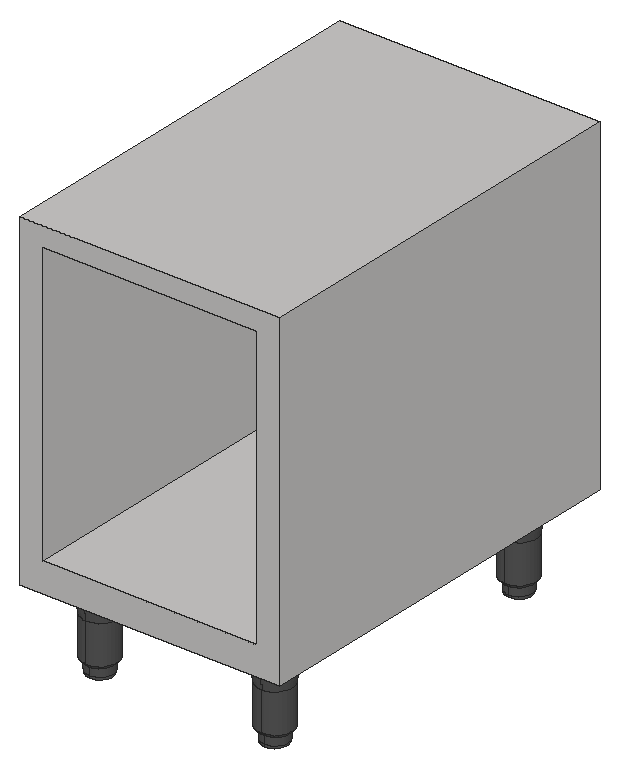
Revit family "QF_CAPIC_AVEN_W543021", category Equipement spécialisé, Revit 2018
Family settings
  Cote de connecteur circulaire = Utiliser le diamètre
  Type d'élément = Normal
  Numéro OmniClass = 23.40.40.14
  Titre OmniClass = Food Service Equipment
  Basée sur le plan de construction = Non
  Toujours verticalement = Oui
  Couper avec des vides une fois chargée = Non
  Partagée = Non
  Point de calcul de pièce = Non
Parameters (values of type "400 mm")
  URL catalogue = "http://www.capic-fr.com/fr/"
  Type de Raccord Plomberie [instance] = ""
  Type de Raccord Electrique [instance] = ""
  Type de Gaz = ""
  Type article [instance] = ""
  Tension = 0 V
  Spécification du Fabricant = ""
  Show Logo = yes
  Remarques evacuation [instance] = ""
  Remarques Plomberie [instance] = ""
  Remarques Electricité [instance] = ""
  Puissance électrique  = 0 W
  Puissance Gaz kW = 0
  Profondeur hors tout = 648 mm
  Pression Maximum Eau Adoucie = 0.0 Pa
  Poids net à vide = 29.00 kg
  Phase = 0
  Modèle = "W543021"
  Longueur hors tout = 400 mm
  Intensité nominale = 0 A
  Hauteur hors tout = 638 mm
  Hauteur de Raccordement du Sol Finis = 0 mm
  Hauteur de Raccordement Gaz du Sol Finis = 0 mm
  Hauteur de Raccordement Evacuation Directe du Sol Finis = 0 mm
  Hauteur de Raccordement Eau Froide du Sol Finis = 0 mm
  Hauteur de Raccordement Eau Chaude du Sol Finis = 0 mm
  Hauteur de Raccordement Eau Adoucie du Sol Finis = 0 mm
  Fréquence = 0 Hz
  Fabricant = "CAPIC"
  Etagere intermédiaire (option) [instance] = no
  Débit d'air d'extraction = 0.0 m³/h
  Débit Gaz = 0.0 L/s
  Débit Eau Froide = 0.0 L/s
  Débit Eau Chaude = 0.0 L/s
  Débit Eau Adoucie = 0.0 L/s
  Diamètre de Raccordement Gaz = 0 mm
  Diamètre de Raccordement Evacuation = 0 mm
  Diamètre de Raccordement Eau Froide = 0 mm
  Diamètre de Raccordement Eau Chaude = 0 mm
  Diamètre de Raccordement Eau Adoucie = 0 mm
  Description = "Placard ouvert"
  Assembly Code = ""
  Classification  Omniclass nombre et titre = "23.40.40.14"
Reference planes
  plane 1 "Centre (avant/arrière)": y = 0
  plane 2: z = 0
  plane 3 "Centre (gauche/droite)": x = 0
  plane 4: x = 400
  plane 5: y = -662
  plane 6: y = -45
  plane 7: x = 25
  plane 8: x = 375
  plane 9: y = -69
  plane 10: y = -539
  plane 11: x = 35
  plane 12: x = 365
Forms (mm)
  Extrusion 1, solid, material "QF_Stainless Steel-Brushed"
    sketch origin (0, 0, 0) x (1, 0, 0) y (0, 1, 0)
      loop
        line (0, -45) -> (0, -662) -> (400, -662) -> (400, -45) -> (0, -45)
    from 130 to 638
  Extrusion 2, void
    sketch origin (0, 0, 0) x (1, 0, 0) y (0, 1, 0)
      loop
        line (35, -69) -> (35, -662) -> (365, -662) -> (365, -69) -> (35, -69)
    from 175 to 608
  Extrusion 3, solid, material "QF_Stainless Steel-Brushed", visible <- "Etagere intermédiaire (option)"
    sketch origin (0, 0, 0) x (1, 0, 0) y (0, 1, 0)
      loop
        line (35, -69) -> (35, -662) -> (365, -662) -> (365, -69) -> (35, -69)
    from 370 to 400
Cuts and joins
  Extrusion 2 cuts Extrusion 1
Dimensions and locks
  "Longueur hors tout": plane 3 "Centre (gauche/droite)" to plane 4
  plane 5 to plane 6 to plane 1 "Centre (avant/arrière)" = 617 mm locked, 45 mm locked
  plane 6 to plane 9 to plane 10 = 24 mm locked, 470 mm locked
  locked: plane 3 "Centre (gauche/droite)" to plane 7 at 25
  locked: plane 8 to plane 4 at 25
  locked: plane 3 "Centre (gauche/droite)" to plane 11 at 35
  locked: plane 12 to plane 4 at 35
  aligned and locked: level to plane 2
  aligned and locked: plane 9 to nested 1
  aligned and locked: nested 1 to plane 7
  aligned and locked: plane 10 to nested 2
  aligned and locked: nested 2 to plane 7
  aligned and locked: plane 8 to nested 3
  aligned and locked: plane 9 to nested 3
  aligned and locked: plane 8 to nested 4
  aligned and locked: plane 10 to nested 4
  aligned and locked: Extrusion 2 sketch curve to plane 9
  aligned and locked: plane 11 to Extrusion 2 sketch curve
  aligned and locked: plane 5 to Extrusion 2 sketch curve
  aligned and locked: Extrusion 2 sketch curve to plane 12
Automatic sketch dimensions
  Extrusion 1 sketch curve to plane 3 "Centre (gauche/droite)" = 0 mm
  Extrusion 1 sketch curve to plane 4 = 0 mm
  Extrusion 1 sketch curve to plane 5 = 0 mm
  Extrusion 1 sketch curve to plane 6 = 0 mm
  Extrusion 3 sketch curve to plane 5 = 0 mm
  Extrusion 3 sketch curve to plane 11 = 0 mm
  Extrusion 3 sketch curve to plane 12 = 0 mm
  Extrusion 3 sketch curve to plane 9 = 0 mm
Nested families
  nested 1: "QF_Details_Pied" at (13.5, -119, 0) x (0, -1, 0) z (0, 0, 1), type "QF_Details_Pied"
  nested 2: "QF_Details_Pied" at (13.5, -589, 0) x (0, -1, 0) z (0, 0, 1), type "QF_Details_Pied"
  nested 3: "QF_Details_Pied" at (283.5, -119, 0) x (0, -1, 0) z (0, 0, 1), type "QF_Details_Pied"
  nested 4: "QF_Details_Pied" at (283.5, -589, 0) x (0, -1, 0) z (0, 0, 1), type "QF_Details_Pied"
Definition of nested family "QF_Details_Pied"
  Reference planes
    plane 1 "Centre (avant/arrière)": y = 0
    plane 2: z = 0
    plane 3 "Centre (gauche/droite)": x = 0
  Forms (mm)
    Extrusion 1, solid
      sketch origin (-137.492, 51.5, -340.756) x (1, 0, 0) y (0, 0, 1)
        loop
          line (87.492, 481.756) -> (87.492, 472.756) -> (187.492, 472.756) -> (187.492, 481.756) -> (87.492, 481.756)
      from -40 to 40
    Revolve 2, solid
      sketch origin (0, 51.5, -9) x (1, 0, 0) y (0, 0, 1)
        loop
          line (0, 141) -> (0, 9) -> (19.21, 9) -> (19.21, 13) -> (20.21, 13) -> (20.21, 26) -> (21.71, 26) -> (26.66, 30.95) -> (26.66, 90.95) -> (31.468, 136.698) -> (36.246, 141) -> (0, 141)
        axis (0, 141) -> (0, 9)
      angle from 0 to 360
  Dimensions and locks
    aligned and locked: level to plane 2
    aligned and locked: Extrusion 1 to Revolve 2 sketch curve
